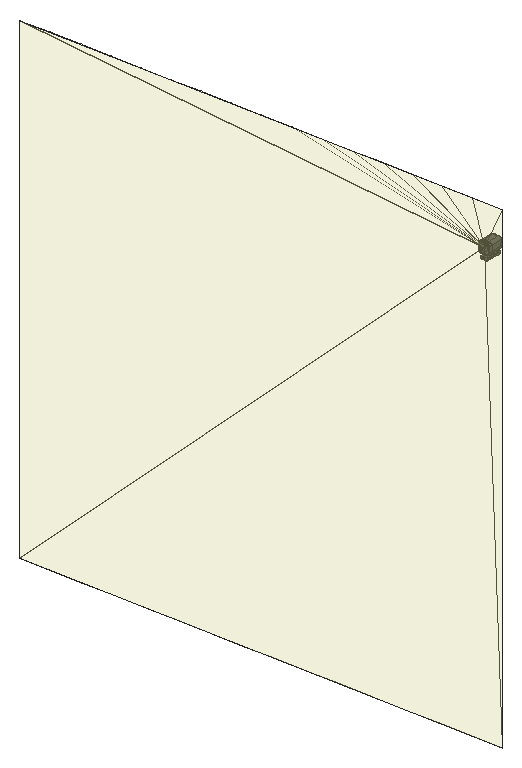
Revit family "Electronics_Conferencing-Cameras_Biamp_Vidi_4K_250__", category Communication Devices, host Face, Revit 2020
Family settings
  Host = Face
  Maintain Annotation Orientation = No
  Round Connector Dimension = Use Diameter
  Part Type = Normal
  OmniClass Number = 23.85.10.14.11
  OmniClass Title = Cameras
  Cut with Voids When Loaded = No
  Shared = No
  Room Calculation Point = No
Parameters (values of type "Vidi 250")
  Width = 2.00"  # constant formula
  Weight = 0.35 lbf  # constant formula
  Voltage = 0 V
  USB 3.0 = "1x Type C"  # constant formula
  URL = "https://www.biamp.com/"
  Temperature Range = "32 - 104° F (0 - 40° C)"  # constant formula
  Target View Length Real [instance] = if(Focus Distance < 0.59055", 0.59055", if(Focus Distance > Maximum Focus Distance, Maximum Focus Distance, Focus Distance))  # 50.00"
  Focus Distance [instance] = 50.00"
  Supported Video Resolutions = "720p @ 30fps, 1080p @ 30fps, 2160p @ 30fps"  # constant formula
  Product data url = "https://www.bimobject.com/biamp/product/vidi250_conferencing-camera"
  Product Page URL = "https://www.biamp.com/products/product-families/vidi/conferencing-cameras#vidi250"
  Product Documentation Link = "https://downloads.biamp.com/assets/docs/default-source/data-sheets/biamp_data_sheet_vidi250_aug22.pdf"
  Power Factor = 1
  Positioning = "Autoframing capability/Electronic Pan/Tilt/Zoom/UVC controlled"  # constant formula
  Number of Poles = 1
  Model = "Vidi 250"  # constant formula
  Minimum Focus Distance [instance] = 0.00"  # constant formula
  Maximum Focus Distance [instance] = 196.85039"  # constant formula
  Max Power Consumption = 10 W
  Manufacturer = "Biamp"  # constant formula
  Indicators = "Camera Active Indicator (White/Off LED)"  # constant formula
  Image sensor = "12 Megapixel"  # constant formula
  Humidity = "0-95% relative humidity (non-condensing)"  # constant formula
  Housing Material = Biamp - Plastic - Black
  Height = 2.00"  # constant formula
  Focus Distance Nominal = "100 cm"  # constant formula
  Field Of View Vertical = 120.00°  # constant formula
  Field Of View Horizontal = 120.00°  # constant formula
  Field Of View [instance] = yes
  Digital Zoom = "5x"  # constant formula
  Diagonal Field of View = "120 Degrees"  # constant formula
  Description = "Vidi™ 250 4K Conferencing Camera"  # constant formula
  Depth = 2.80"  # constant formula
  Default Elevation = 48.00"
  Connector Description = "USB-C"  # constant formula
  Compliance = "CE Marked (Europe), UKCA (Great Britain)"  # constant formula
  Assembly Code = ""
  Apparent Load = Max Power Consumption / Power Factor  # 10 VA
  Altitude = "0 - 10,000 ft (0 - 3000m) MSL"  # constant formula
Reference planes (in)
  plane 1: y = 1.40039
  plane 2: z = 0
  plane 3 "Center (Left/Right)": x = 0
  plane 4: x = -1
  plane 5: x = 1
  plane 6 "Center (Front/Back)": y = 0.00039
  plane 7: y = -1.39961
  plane 8: z = 0.87754
  plane 9: z = 2.87754
Forms (in)
  Extrusion 1, solid, material "Biamp - Plastic - Black" <- "Housing Material", detail levels medium+fine
    sketch origin (0, 1.40039, 0) x (1, 0, 0) y (0, 0, 1)
      loop
        line (0.48425, 2.85236) -> (-0.48425, 2.85236)
        arc (-0.48425, 2.85236) -> (-0.83781, 2.70592) -> (-0.98425, 2.35236) r 0.5
        line (-0.98425, 2.35236) -> (-0.98425, 1.38351)
        arc (-0.98425, 1.38351) -> (-0.83781, 1.02996) -> (-0.48425, 0.88351) r 0.5
        line (-0.48425, 0.88351) -> (0.48425, 0.88351)
        arc (0.48425, 0.88351) -> (0.83781, 1.02996) -> (0.98425, 1.38351) r 0.5
        line (0.98425, 1.38351) -> (0.98425, 2.35236)
        arc (0.98425, 2.35236) -> (0.83781, 2.70592) -> (0.48425, 2.85236) r 0.5
    from 2.41114 to 2.80078
  Extrusion 2, solid, material "Biamp - Plastic - Black" <- "Housing Material", detail levels medium+fine
    sketch origin (0, 1.40039, 0) x (1, 0, 0) y (0, 0, 1)
      loop
        line (-0.96222, 2.33749) -> (-0.96222, 1.39502)
        arc (-0.96222, 1.39502) -> (-0.81692, 1.04423) -> (-0.46612, 0.89893) r 0.49609
        line (-0.46612, 0.89893) -> (0.46895, 0.89893)
        arc (0.46895, 0.89893) -> (0.81974, 1.04423) -> (0.96504, 1.39502) r 0.49609
        line (0.96504, 1.39502) -> (0.96504, 2.33749)
        arc (0.96504, 2.33749) -> (0.81974, 2.68828) -> (0.46895, 2.83358) r 0.49609
        line (0.46895, 2.83358) -> (-0.46612, 2.83358)
        arc (-0.46612, 2.83358) -> (-0.81692, 2.68828) -> (-0.96222, 2.33749) r 0.49609
    from 0.2261 to 2.41114
  Extrusion 3, solid, material "Biamp - Plastic - Black" <- "Housing Material", detail levels medium+fine
    sketch origin (0, 1.40039, 0) x (1, 0, 0) y (0, 0, 1)
      loop
        line (0.48425, 2.85236) -> (-0.48425, 2.85236)
        arc (-0.48425, 2.85236) -> (-0.83781, 2.70592) -> (-0.98425, 2.35236) r 0.5
        line (-0.98425, 2.35236) -> (-0.98425, 1.38351)
        arc (-0.98425, 1.38351) -> (-0.83781, 1.02996) -> (-0.48425, 0.88351) r 0.5
        line (-0.48425, 0.88351) -> (0.48425, 0.88351)
        arc (0.48425, 0.88351) -> (0.83781, 1.02996) -> (0.98425, 1.38351) r 0.5
        line (0.98425, 1.38351) -> (0.98425, 2.35236)
        arc (0.98425, 2.35236) -> (0.83781, 2.70592) -> (0.48425, 2.85236) r 0.5
    from 0.24579 to 2.39146
  Blend 4, solid, material "Biamp - Plastic - Black" <- "Housing Material"
    base sketch origin (0, 1.40039, 0) x (1, 0, 0) y (0, 0, 1)
      loop
        arc (0.98425, 2.35236) -> (0.83781, 2.70592) -> (0.48425, 2.85236) r 0.5
        line (0.48425, 2.85236) -> (-0.48425, 2.85236)
        arc (-0.48425, 2.85236) -> (-0.83781, 2.70592) -> (-0.98425, 2.35236) r 0.5
        line (-0.98425, 2.35236) -> (-0.98425, 1.38351)
        arc (-0.98425, 1.38351) -> (-0.83781, 1.02996) -> (-0.48425, 0.88351) r 0.5
        line (-0.48425, 0.88351) -> (0.48425, 0.88351)
        arc (0.48425, 0.88351) -> (0.83781, 1.02996) -> (0.98425, 1.38351) r 0.5
        line (0.98425, 1.38351) -> (0.98425, 2.35236)
    top sketch origin (0, 1.40039, 0) x (1, 0, 0) y (0, 0, 1)
      loop
        line (0.21884, 2.51751) -> (-0.22072, 2.51751)
        arc (-0.22072, 2.51751) -> (-0.53101, 2.38899) -> (-0.65953, 2.0787) r 0.43882
        line (-0.65953, 2.0787) -> (-0.65953, 1.73811)
        arc (-0.65953, 1.73811) -> (-0.53139, 1.42875) -> (-0.22203, 1.30061) r 0.4375
        line (-0.22203, 1.30061) -> (0.21884, 1.30061)
        arc (0.21884, 1.30061) -> (0.53046, 1.42968) -> (0.65953, 1.7413) r 0.44069
        line (0.65953, 1.7413) -> (0.65953, 2.07682)
        arc (0.65953, 2.07682) -> (0.53046, 2.38844) -> (0.21884, 2.51751) r 0.44069
    from 0.18767 to 0
  Extrusion 5, solid, material "Biamp - Plastic - Black" <- "Housing Material", detail levels medium+fine
    sketch origin (0, 1.40039, 0) x (1, 0, 0) y (0, 0, 1)
      loop
        line (0.48425, 2.85236) -> (-0.48425, 2.85236)
        arc (-0.48425, 2.85236) -> (-0.83781, 2.70592) -> (-0.98425, 2.35236) r 0.5
        line (-0.98425, 2.35236) -> (-0.98425, 1.38351)
        arc (-0.98425, 1.38351) -> (-0.83781, 1.02996) -> (-0.48425, 0.88351) r 0.5
        line (-0.48425, 0.88351) -> (0.48425, 0.88351)
        arc (0.48425, 0.88351) -> (0.83781, 1.02996) -> (0.98425, 1.38351) r 0.5
        line (0.98425, 1.38351) -> (0.98425, 2.35236)
        arc (0.98425, 2.35236) -> (0.83781, 2.70592) -> (0.48425, 2.85236) r 0.5
    from 0.18767 to 0.2261
  Extrusion 6, solid, material "Biamp - Plastic - Black" <- "Housing Material", detail levels coarse
    sketch origin (0, 1.40039, 0) x (1, 0, 0) y (0, 0, 1)
      loop
        line (0.48425, 2.85236) -> (-0.48425, 2.85236)
        arc (-0.48425, 2.85236) -> (-0.83781, 2.70592) -> (-0.98425, 2.35236) r 0.5
        line (-0.98425, 2.35236) -> (-0.98425, 1.38351)
        arc (-0.98425, 1.38351) -> (-0.83781, 1.02996) -> (-0.48425, 0.88351) r 0.5
        line (-0.48425, 0.88351) -> (0.48425, 0.88351)
        arc (0.48425, 0.88351) -> (0.83781, 1.02996) -> (0.98425, 1.38351) r 0.5
        line (0.98425, 1.38351) -> (0.98425, 2.35236)
        arc (0.98425, 2.35236) -> (0.83781, 2.70592) -> (0.48425, 2.85236) r 0.5
    from 0.18767 to 2.80078
  Extrusion 7, void
    sketch origin (0, 1.40039, 0) x (1, 0, 0) y (0, 0, 1)
      loop
        line (0.47178, 2.76772) -> (-0.47178, 2.76772)
        arc (-0.47178, 2.76772) -> (-0.7743, 2.64241) -> (-0.89961, 2.33989) r 0.42782
        line (-0.89961, 2.33989) -> (-0.89961, 1.39633)
        arc (-0.89961, 1.39633) -> (-0.7743, 1.09381) -> (-0.47178, 0.9685) r 0.42782
        line (-0.47178, 0.9685) -> (0.47178, 0.9685)
        arc (0.47178, 0.9685) -> (0.7743, 1.09381) -> (0.89961, 1.39633) r 0.42782
        line (0.89961, 1.39633) -> (0.89961, 2.33989)
        arc (0.89961, 2.33989) -> (0.7743, 2.64241) -> (0.47178, 2.76772) r 0.42782
    from 2.69457 to 2.80078
  Extrusion 8, solid, material "Biamp - Glass - Gray", detail levels medium+fine
    sketch origin (0, 1.40039, 0) x (1, 0, 0) y (0, 0, 1)
      loop
        circle (0, 1.90906) r 0.25
    from 2.69457 to 2.80078
  Extrusion 9, solid, material "Biamp - Glass - Black", detail levels medium+fine
    sketch origin (0, 1.40039, 0) x (1, 0, 0) y (0, 0, 1)
      loop
        line (-0.65953, 2.0787) -> (-0.65953, 1.73811)
        arc (-0.65953, 1.73811) -> (-0.53139, 1.42875) -> (-0.22203, 1.30061) r 0.4375
        line (-0.22203, 1.30061) -> (0.21884, 1.30061)
        arc (0.21884, 1.30061) -> (0.53046, 1.42968) -> (0.65953, 1.7413) r 0.44069
        line (0.65953, 1.7413) -> (0.65953, 2.07682)
        arc (0.65953, 2.07682) -> (0.53046, 2.38844) -> (0.21884, 2.51751) r 0.44069
        line (0.21884, 2.51751) -> (-0.22072, 2.51751)
        arc (-0.22072, 2.51751) -> (-0.53101, 2.38899) -> (-0.65953, 2.0787) r 0.43882
      loop
        arc (-0.47178, 2.76772) -> (-0.7743, 2.64241) -> (-0.89961, 2.33989) r 0.42782
        line (-0.89961, 2.33989) -> (-0.89961, 1.39633)
        arc (-0.89961, 1.39633) -> (-0.7743, 1.09381) -> (-0.47178, 0.9685) r 0.42782
        line (-0.47178, 0.9685) -> (0.47178, 0.9685)
        arc (0.47178, 0.9685) -> (0.7743, 1.09381) -> (0.89961, 1.39633) r 0.42782
        line (0.89961, 1.39633) -> (0.89961, 2.33989)
        arc (0.89961, 2.33989) -> (0.7743, 2.64241) -> (0.47178, 2.76772) r 0.42782
        line (0.47178, 2.76772) -> (-0.47178, 2.76772)
    from 2.69457 to 2.80078
  Extrusion 10, solid, material "Biamp - Plastic - Black" <- "Housing Material", detail levels medium+fine
    sketch origin (0, 0, 0) x (0, 1, 0) y (0, 0, 1)
      loop
        line (-1.39961, 0.43307) -> (-1.39961, 0) -> (-1.27431, 0) -> (-1.27431, 0.31496) -> (1.07958, 0.31496) -> (1.08118, 0.13225)
        arc (1.08118, 0.13225) -> (1.21576, 0) -> (1.35032, 0.13227) r 0.13459
        line (1.35032, 0.13227) -> (1.35551, 0.43307) -> (-1.39961, 0.43307)
      loop
        spline (0.93175, 0) -> (0.94964, 0.00117) -> (0.96722, 0.00464) -> (0.98421, 0.01037) -> (1.00031, 0.01826) -> (1.01525, 0.02817) -> (1.02877, 0.03994) -> (1.04066, 0.05336) -> (1.0507, 0.0682) -> (1.05873, 0.08423) -> (1.06461, 0.10116) -> (1.06824, 0.11872) -> (1.06956, 0.13659)
        line (1.06956, 0.13659) -> (1.071, 0.30172) -> (0.96205, 0.30316) -> (0.96027, 0.09843) -> (-0.8394, 0.09843) -> (-0.841, 0.2815) -> (-1.09565, 0.2815)
        arc (-1.09565, 0.2815) -> (-1.23639, 0.14075) -> (-1.09565, 0) r 0.14075
        line (-1.09565, 0) -> (0.93175, 0)
    from -0.62598 to 0.62598
  Revolve 11, solid, material "Biamp - Glass - Black"
    sketch origin (0, 0, 0) x (0, 1, 0) y (0, 0, 1)
      loop
        line (-0.17468, 0.43307) -> (0.33228, 0.43307) -> (0.33228, 0.86577) -> (0.16497, 0.86612)
        arc (0.16497, 0.86612) -> (0.00569, 0.80144) -> (-0.06757, 0.64593) r 0.23622
        arc (-0.06757, 0.64593) -> (-0.06126, 0.6282) -> (-0.044, 0.62071) r 0.02362
        line (-0.044, 0.62071) -> (-0.05537, 0.5861)
        arc (-0.05537, 0.5861) -> (-0.08038, 0.53845) -> (-0.09957, 0.48816) r 0.45276
        arc (-0.09957, 0.48816) -> (-0.1281, 0.44832) -> (-0.17468, 0.43307) r 0.07874
      axis (0.33228, 0.86612) -> (0.33228, 0.43307)
    angle from 0 to 360
  Extrusion 12, void
    sketch origin (0, 1.40039, 0) x (1, 0, 0) y (0, 0, 1)
      loop
        arc (0.62598, 0.24377) -> (0.55459, 0.0714) -> (0.38221, 0) r 0.24377
        line (0.38221, 0) -> (0.38221, -0.0725) -> (0.73288, -0.0725) -> (0.73288, 0.24377) -> (0.62598, 0.24377)
      loop
        line (-0.62598, 0.24377) -> (-0.73288, 0.24377) -> (-0.73288, -0.0725) -> (-0.38221, -0.0725) -> (-0.38221, 0)
        arc (-0.38221, 0) -> (-0.55459, 0.0714) -> (-0.62598, 0.24377) r 0.24377
    from 2.66672 to 2.80078
  Extrusion 13, solid, material "Biamp - Plastic - Black" <- "Housing Material", detail levels coarse
    sketch origin (0, 0, 0) x (0, 1, 0) y (0, 0, 1)
      loop
        line (-1.39961, 0.43307) -> (-1.39961, 0) -> (1.35851, 0) -> (1.35851, 0.43307) -> (-1.39961, 0.43307)
    from -0.62598 to 0.62598
Cuts and joins
  Extrusion 7 cuts Extrusion 1
  joined: Extrusion 1, Extrusion 2, Extrusion 3
  Extrusion 7 cuts Extrusion 6
  Extrusion 12 cuts Extrusion 10
Lines and regions (in)
  Masking region 1
    outline origin (0, 0, 0) x (1, 0, 0) y (0, 1, 0)
      loop
        line (0.98425, -1.40039) -> (0.98425, 1.21272) -> (0.65953, 1.40039) -> (-0.65953, 1.40039) -> (-0.98425, 1.21272) -> (-0.98425, -1.40039) -> (0.98425, -1.40039)
  symbolic lines
    curve 1: line (-0.98425, 1.21272, 0) -> (0.98425, 1.21272, 0)
    curve 2: line (0.98425, 1.17429, 0) -> (-0.98425, 1.17429, 0)
    curve 3: line (-0.98425, 1.1546, 0) -> (0.98425, 1.1546, 0)
    curve 4: line (-0.98425, -0.99106, 0) -> (0.98425, -0.99106, 0)
    curve 5: line (0.98425, -1.01075, 0) -> (-0.98425, -1.01075, 0)
Dimensions and locks (in)
  equal spacing: plane 1, plane 6 "Center (Front/Back)", plane 7
  "Depth": plane 1 to plane 7
  equal spacing: plane 4, plane 3 "Center (Left/Right)", plane 5
  "Height": plane 4 to plane 5
  "Height": plane 9 to plane 8
  plane 8 to plane 2 = 0.87754"
  plane 5 to plane 3 "Center (Left/Right)" to plane 4 = 1.00", 1.00"
  plane 5 to plane 4 = 2.00"
  equal spacing: Blend 4 sketch curve, plane 3 "Center (Left/Right)", Blend 4 sketch curve
  aligned and locked: plane 2 to host face
  aligned and locked: level to host face
Automatic sketch dimensions
  host sketch curve to host sketch curve = 96.00"  (x2)
  plane 4 to Extrusion 1 sketch curve = 0.01575"
  Extrusion 1 sketch curve to plane 3 "Center (Left/Right)" = 0.48425"  (x2)
  Extrusion 1 sketch curve to plane 9 = 0.02518"
  plane 3 "Center (Left/Right)" to Extrusion 1 sketch curve = 0.48425"  (x2)
  plane 8 to Extrusion 1 sketch curve = 0.00597"
  Extrusion 1 sketch curve to plane 5 = 0.01575"
  plane 4 to Extrusion 2 sketch curve = 0.03778"
  plane 8 to Extrusion 2 sketch curve = 0.02139"
  Extrusion 2 sketch curve to plane 3 "Center (Left/Right)" = 0.46612"  (x2)
  Extrusion 2 sketch curve to plane 9 = 0.04396"
  plane 3 "Center (Left/Right)" to Extrusion 2 sketch curve = 0.46895"  (x2)
  Extrusion 2 sketch curve to plane 5 = 0.03496"
  plane 4 to Extrusion 3 sketch curve = 0.01575"
  Extrusion 3 sketch curve to plane 3 "Center (Left/Right)" = 0.48425"  (x2)
  Extrusion 3 sketch curve to plane 9 = 0.02518"
  plane 3 "Center (Left/Right)" to Extrusion 3 sketch curve = 0.48425"  (x2)
  plane 8 to Extrusion 3 sketch curve = 0.00597"
  Extrusion 3 sketch curve to plane 5 = 0.01575"
  plane 4 to Blend 4 sketch curve = 0.01575"
  Blend 4 sketch curve to plane 3 "Center (Left/Right)" = 0.48425"  (x2)
  plane 3 "Center (Left/Right)" to Blend 4 sketch curve = 0.48425"  (x2)
  plane 8 to Blend 4 sketch curve = 0.00597"
  Blend 4 sketch curve to plane 5 = 0.01575"
  Blend 4 sketch curve to plane 9 = 0.52518"
  plane 4 to Blend 4 sketch curve = 0.34047"
  Blend 4 sketch curve to plane 3 "Center (Left/Right)" = 0.22203"
  Blend 4 sketch curve to plane 3 "Center (Left/Right)" = 0.22072"
  plane 3 "Center (Left/Right)" to Blend 4 sketch curve = 0.21884"  (x2)
  plane 8 to Blend 4 sketch curve = 0.42307"
  Blend 4 sketch curve to Blend 4 sketch curve = 0.33553"
  plane 4 to Extrusion 5 sketch curve = 0.01575"
  Extrusion 5 sketch curve to plane 3 "Center (Left/Right)" = 0.48425"  (x2)
  Extrusion 5 sketch curve to plane 9 = 0.02518"
  plane 3 "Center (Left/Right)" to Extrusion 5 sketch curve = 0.48425"  (x2)
  plane 8 to Extrusion 5 sketch curve = 0.00597"
  Extrusion 5 sketch curve to plane 5 = 0.01575"
  plane 4 to Extrusion 6 sketch curve = 0.01575"
  Extrusion 6 sketch curve to plane 3 "Center (Left/Right)" = 0.48425"  (x2)
  Extrusion 6 sketch curve to plane 9 = 0.02518"
  plane 3 "Center (Left/Right)" to Extrusion 6 sketch curve = 0.48425"  (x2)
  plane 8 to Extrusion 6 sketch curve = 0.00597"
  Extrusion 6 sketch curve to plane 5 = 0.01575"
  plane 4 to Extrusion 7 sketch curve = 0.10039"
  Extrusion 7 sketch curve to plane 9 = 0.10983"
  Extrusion 7 sketch curve to plane 3 "Center (Left/Right)" = 0.47178"
  Extrusion 7 sketch curve to Extrusion 7 sketch curve = 0.42782"
  plane 3 "Center (Left/Right)" to Extrusion 7 sketch curve = 0.47178"  (x2)
  Extrusion 7 sketch curve to plane 5 = 0.10039"
  plane 8 to Extrusion 7 sketch curve = 0.09096"
  Extrusion 8 sketch curve to plane 5 = 1.00"
  Extrusion 8 sketch curve to plane 9 = 0.96848"
  Extrusion 9 sketch curve to plane 3 "Center (Left/Right)" = 0.22072"
  Extrusion 9 sketch curve to plane 9 = 0.36003"
  plane 3 "Center (Left/Right)" to Extrusion 9 sketch curve = 0.21884"  (x2)
  Extrusion 9 sketch curve to Extrusion 9 sketch curve = 0.00187"
  Extrusion 9 sketch curve to Extrusion 9 sketch curve = 0.33553"
  Extrusion 9 sketch curve to plane 3 "Center (Left/Right)" = 0.22203"
  plane 4 to Extrusion 9 sketch curve = 0.10039"
  Extrusion 9 sketch curve to Extrusion 9 sketch curve = 0.25107"
  Extrusion 9 sketch curve to Extrusion 9 sketch curve = 0.2612"
  Extrusion 9 sketch curve to Extrusion 9 sketch curve = 0.34178"
  Extrusion 9 sketch curve to Extrusion 9 sketch curve = 0.24975"
  Extrusion 9 sketch curve to Extrusion 9 sketch curve = 0.25294"  (x2)
  Extrusion 9 sketch curve to Extrusion 9 sketch curve = 0.26307"
  Extrusion 9 sketch curve to Extrusion 9 sketch curve = 0.18775"
  Extrusion 10 sketch curve to plane 7 = 0.00"
  Extrusion 10 sketch curve to level = 0.00"  (x2)
  plane 7 to Extrusion 10 sketch curve = 0.1253"
  Extrusion 10 sketch curve to Extrusion 10 sketch curve = 0.17867"
  level to Extrusion 10 sketch curve = 0.13659"
  Extrusion 10 sketch curve to Extrusion 10 sketch curve = 0.13781"
  Extrusion 10 sketch curve to Extrusion 10 sketch curve = 0.01002"
  level to Extrusion 10 sketch curve = 0.13225"
  Extrusion 10 sketch curve to Extrusion 10 sketch curve = 0.01162"
  Extrusion 10 sketch curve to Extrusion 10 sketch curve = 0.13457"
  plane 1 to Extrusion 10 sketch curve = 0.05007"
  plane 1 to Extrusion 10 sketch curve = 0.04488"
  level to Extrusion 10 sketch curve = 0.13227"
  level to Extrusion 10 sketch curve = 0.14075"
  Extrusion 10 sketch curve to Extrusion 10 sketch curve = 0.03346"
  Extrusion 10 sketch curve to Extrusion 10 sketch curve = 0.11811"
  Extrusion 10 sketch curve to Extrusion 10 sketch curve = 0.25465"
  Extrusion 10 sketch curve to Extrusion 10 sketch curve = 0.0016"
  level to Extrusion 10 sketch curve = 0.1378"
  Extrusion 10 sketch curve to Extrusion 10 sketch curve = 0.02852"
  level to Extrusion 10 sketch curve = 0.09843"
  Extrusion 10 sketch curve to Extrusion 10 sketch curve = 0.00179"
  Extrusion 10 sketch curve to Extrusion 10 sketch curve = 0.10895"
  Extrusion 10 sketch curve to Extrusion 10 sketch curve = 0.20474"
  Extrusion 10 sketch curve to Extrusion 10 sketch curve = 0.01324"
  Extrusion 10 sketch curve to Extrusion 10 sketch curve = 0.41858"
  Revolve 11 sketch curve to plane 6 "Center (Front/Back)" = 0.17507"
  Revolve 11 sketch curve to plane 6 "Center (Front/Back)" = 0.04439"
  Revolve 11 sketch curve to plane 8 = 0.01142"
  plane 6 "Center (Front/Back)" to Revolve 11 sketch curve = 0.16457"
  plane 6 "Center (Front/Back)" to Revolve 11 sketch curve = 0.16772"
  Revolve 11 sketch curve to Revolve 11 sketch curve = 0.16417"
  Revolve 11 sketch curve to Revolve 11 sketch curve = 0.00"  (x4)
  Revolve 11 sketch curve to plane 8 = 0.01177"
  Revolve 11 sketch curve to Revolve 11 sketch curve = 0.01441"
  Revolve 11 sketch curve to Revolve 11 sketch curve = 0.13412"
  Revolve 11 sketch curve to Revolve 11 sketch curve = 0.08088"
  Revolve 11 sketch curve to Revolve 11 sketch curve = 0.01137"
  Revolve 11 sketch curve to Revolve 11 sketch curve = 0.01859"
  Revolve 11 sketch curve to Revolve 11 sketch curve = 0.03461"
  Revolve 11 sketch curve to Revolve 11 sketch curve = 0.03631"
  Revolve 11 sketch curve to plane 8 = 0.23321"
  Extrusion 12 sketch curve to level = 0.00"  (x2)
  Extrusion 12 sketch curve to level = 0.0725"  (x2)
  plane 4 to Extrusion 12 sketch curve = 0.26712"
  Extrusion 12 sketch curve to Extrusion 12 sketch curve = 0.1069"
  Extrusion 12 sketch curve to Extrusion 12 sketch curve = 0.35067"
  plane 3 "Center (Left/Right)" to Extrusion 12 sketch curve = 0.38221"
  Extrusion 12 sketch curve to Extrusion 12 sketch curve = 0.24377"
  Extrusion 12 sketch curve to plane 5 = 0.26712"
  Extrusion 13 sketch curve to level = 0.00"
  Extrusion 13 sketch curve to plane 7 = 0.00"
  plane 1 to Extrusion 13 sketch curve = 0.04188"
  Extrusion 13 sketch curve to Extrusion 13 sketch curve = 0.43307"
  plane 1 to Masking region 1 sketch curve = 0.00"
  Masking region 1 sketch curve to plane 7 = 0.00078"
  plane 4 to Masking region 1 sketch curve = 0.34047"
  plane 4 to Masking region 1 sketch curve = 0.01575"
  Masking region 1 sketch curve to plane 5 = 0.34047"
  Masking region 1 sketch curve to plane 5 = 0.01575"
  plane 1 to Masking region 1 sketch curve = 0.18767"  (x2)
  plane 4 to curve 1 = 0.01575"
  curve 5 to plane 5 = 0.01575"
  plane 7 to curve 5 = 0.38886"
  plane 4 to curve 4 = 0.01575"
  plane 4 to curve 5 = 0.01575"
  plane 4 to curve 2 = 0.01575"
  plane 4 to curve 3 = 0.01575"
  curve 1 to plane 5 = 0.01575"
  curve 4 to plane 5 = 0.01575"
  curve 3 to plane 5 = 0.01575"
  curve 2 to plane 5 = 0.01575"
  curve 5 to curve 4 = 0.01969"
  plane 1 to curve 3 = 0.24579"
  curve 3 to curve 2 = 0.01969"
  curve 2 to curve 1 = 0.03843"
  radius of Extrusion 8 sketch curve = 0.25"
Nested families (in)
  nested 1: "FOV" at (0, -1.40039, 1.90906) x (1, 0, 0) z (0, -1, 0), visible <- "Field Of View", type "FOV"
    with Vertical FOV 86.60254", Target Length 50.00", Horizontal FOV 86.60254"
Connectors (in)
  electrical at (-0.00063, 1.40039, 1.9089), driven by "Connector Description", driven by "Power Factor", driven by "Apparent Load", driven by "Voltage", driven by "Number of Poles"
    settings: on Blend 4, index 1, voltage 0 V, apparent load 0 VA, apparent load phase1 10 VA, apparent load phase2 0 VA, apparent load phase3 0 VA, power factor 1, load classification "Other", number of poles 1, system type 31, power factor state 1, is connector primary yes, connector utility no, sub classification motor no, connector description "USB-C"
Definition of nested family "FOV"
  Parameters (values of type "FOV")
    Vertical FOV = (Target Length * sin(VFOV Angle / 2)) / sin(180.00° - (90.00° + VFOV Angle / 2))  # 62.35383"
    VFOV Angle = 120.00°
    Target Length = 36.00"
    Horizontal FOV = (Target Length * sin(HFOV Angle / 2)) / sin(180.00° - (90.00° + HFOV Angle / 2))  # 62.35383"
    HFOV Angle = 120.00°
    Default Elevation = 48.00"
    Cost = 0
    Assembly Code = ""
  Reference planes (in)
    plane 1 "Center (Front/Back)": y = 0
    plane 2: z = 0
    plane 3 "Center (Left/Right)": x = 0
  Forms (in)
    SweptBlend 1, solid
      path in 3D
        loop
          line (0, 0, 0) -> (0, 0, 36)
      profile origin (0, 0, 0) x (-1, 0, 0) y (0, -1, 0)
        loop
          circle (0, 0) r 0.01562
      end profile origin (0, 0, 36) x (-1, 0, 0) y (0, -1, 0)
        loop
          line (31.17691, 31.17691) -> (-31.17691, 31.17691) -> (-31.17691, -31.17691) -> (31.17691, -31.17691) -> (31.17691, 31.17691)
  Lines and regions (in)
    reference lines
      curve 1: line (0, 0, 0) -> (0, 0, 36)
      curve 3: line (0, 0, 0) -> (-29, 0, 0)
      curve 4: line (0, 0, 0) -> (0, 40, 0)
    sketch lines
      curve 2: line (0, 0, 0) -> (0, 0, 36)
    symbolic lines
      curve 5: line (31.17691, 0, 36) -> (-31.17691, 0, 36)
      curve 6: line (-31.17691, 0, 36) -> (0, 0, -0.01805)
      curve 7: line (0, 0, -0.01805) -> (31.17691, 0, 36)
  Dimensions and locks (in)
    "Target Length": curve 1 to curve 1
    equal spacing: SweptBlend 1 sketch curve, profile plane, SweptBlend 1 sketch curve  (x2)
    "Vertical FOV": SweptBlend 1 sketch curve to SweptBlend 1 sketch curve
    "Horizontal FOV": SweptBlend 1 sketch curve to SweptBlend 1 sketch curve
    aligned and locked: plane 2 to level
    aligned and locked: plane 3 "Center (Left/Right)" to curve 1  (x3)
    aligned and locked: level to curve 1
    aligned and locked: plane 1 "Center (Front/Back)" to curve 1
    aligned and locked: plane 1 "Center (Front/Back)" to curve 4
    aligned and locked: plane 3 "Center (Left/Right)" to curve 4
    aligned and locked: curve 5 to SweptBlend 1
    aligned and locked: curve 6 to SweptBlend 1
    aligned and locked: curve 7 to SweptBlend 1
  Automatic sketch dimensions
    SweptBlend 1 sketch curve to profile plane = 0.00"
    profile plane to SweptBlend 1 sketch curve = 0.00"
    curve 3 to plane 3 "Center (Left/Right)" = 29.00"
    curve 4 to plane 1 "Center (Front/Back)" = 40.00"
    radius of SweptBlend 1 sketch curve = 0.01562"
